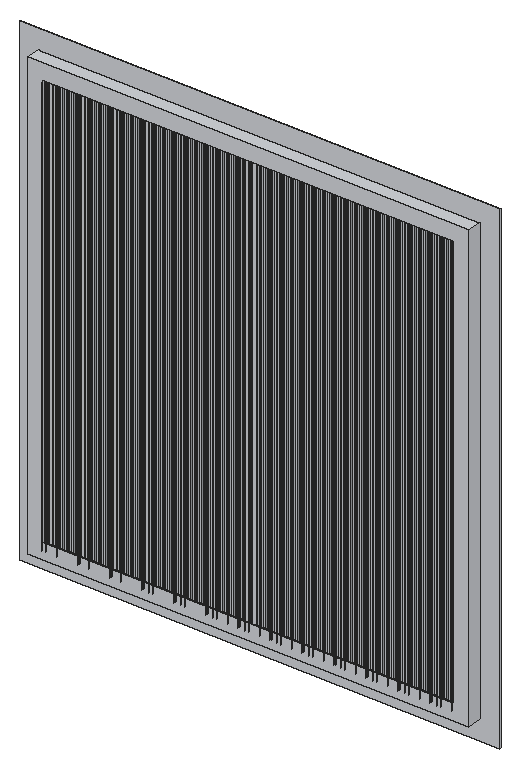
Revit family "NLRS_31_WI_WB_VS27 muurrooster-AV_jazo_jazo", category Windows, host Wall, Revit 2020
Family settings
  Host = Wall
  OmniClass Number = 23.30.20.00
  OmniClass Title = Windows
  Always vertical = Yes
  Cut with Voids When Loaded = No
  Shared = No
  Room Calculation Point = No
Parameters (values of type "TYPE CATALOG")
  URL = "www.jazo.com"
  Thickness = NLRS_C_diepte  # 46.0 mm
  Rough Width = NLRS_C_breedte_01  # 1498.4 mm
  Rough Height = NLRS_C_hoogte_01  # 1510.0 mm
  Negge = 0.0 mm
  NLRS_C_weerstandsklasse = "Voor specificaties of mogelijkheden, neem contact op."  # constant formula
  NLRS_C_stelruimte = 5.0 mm  # constant formula
  NLRS_C_rookwerendheid = "Voor specificaties of mogelijkheden, neem contact op."  # constant formula
  NLRS_C_offset_01 = (NLRS_C_breedte - 9.0 mm - 51.2 mm - 9.0 mm - 15.3 mm - (NLRS_C_aantal_01 * 36.0 mm)) / 2  # 17.95 mm
  NLRS_C_offset = Negge  # 0.0 mm
  NLRS_C_merk = "Voor specificaties of mogelijkheden, neem contact op."  # constant formula
  NLRS_C_leverancier_url = "www.jazo.com"  # constant formula
  NLRS_C_leverancier_telefoonnummer = "+31 316 - 59 29 11"  # constant formula
  NLRS_C_leverancier_postcode = "6905 DJ"  # constant formula
  NLRS_C_leverancier_plaats = "Zevenaar"  # constant formula
  NLRS_C_leverancier_email = "info@jazo.com"  # constant formula
  NLRS_C_leverancier_bedrijfsnaam = "JAZO Zevenaar bv"  # constant formula
  NLRS_C_leverancier_adres = "Handelsdwarsstraat 10"  # constant formula
  NLRS_C_inbraakwerend = no
  NLRS_C_hoogte_min = 290.0 mm  # constant formula
  NLRS_C_hoogte_max = 2960.0 mm  # constant formula
  NLRS_C_hoogte_02 = NLRS_C_hoogte - (5.0 mm * 2)  # 1490.0 mm
  NLRS_C_hoogte_01 = NLRS_C_hoogte + (2 * NLRS_C_stelruimte)  # 1510.0 mm
  NLRS_C_hoogte = if(Height < NLRS_C_hoogte_min, NLRS_C_hoogte_min, if(Height > NLRS_C_hoogte_max, NLRS_C_hoogte_max, Height))  # 1500.0 mm
  NLRS_C_geluidwering Rw = "Voor specificaties of mogelijkheden, neem contact op."  # constant formula
  NLRS_C_diepte = 46.0 mm  # constant formula
  NLRS_C_content_versie = "1.1"  # constant formula
  NLRS_C_content_revit versie = "2020.2"  # constant formula
  NLRS_C_content_provider = "JAZO Zevenaar bv"  # constant formula
  NLRS_C_content_datum uitgifte = "17-8-2022"  # constant formula
  NLRS_C_content_datum gewijzigd = "6-10-2022"  # constant formula
  NLRS_C_content_creator = "JAZO Zevenaar bv"  # constant formula
  NLRS_C_breedte_min = 290.0 mm  # constant formula
  NLRS_C_breedte_max = 2915.0 mm  # constant formula
  NLRS_C_breedte_01 = NLRS_C_breedte + (2 * NLRS_C_stelruimte)  # 1498.4 mm
  NLRS_C_breedte = if(Width < NLRS_C_breedte_min, NLRS_C_breedte_min, if(Width > NLRS_C_breedte_max, NLRS_C_breedte_max, Width))  # 1488.4 mm
  NLRS_C_aantal_01 = rounddown((NLRS_C_breedte - 9.0 mm - 51.2 mm - 9.0 mm - 15.3 mm) / 36.0 mm)  # 38
  Model = "VS27 muurrooster"  # constant formula
  Manufacturer = "JAZO Zevenaar bv"  # constant formula
  MIN WIDTH = NLRS_C_breedte_min  # 290.0 mm
  MIN HEIGHT = NLRS_C_hoogte_min  # 290.0 mm
  MAX WIDTH = NLRS_C_breedte_max  # 2915.0 mm
  MAX HEIGHT = NLRS_C_hoogte_max  # 2960.0 mm
  JAZO_C_z profiel = yes
  JAZO_C_ventilerend = if(JAZO_C_z profiel, 1 < 2, 2 < 1)  # yes
  JAZO_C_opbouwrooster VS27 = if(JAZO_C_z profiel, 1 < 2, 2 < 1)  # yes
  JAZO_C_materiaal z profiel = none
  JAZO_C_materiaal schoep = none
  Height = 1500.0 mm
  Description = "VS27 muurrooster"  # constant formula
  Wall Closure = By host
  Width = 1488.4 mm
  Define Thermal Properties by = Schematic Type
  Construction Type = "Voor specificaties of mogelijkheden, neem contact op."  # constant formula
  Assembly Code = "23.30.20.00"
  Analytic Construction = "<None>"
Reference planes
  plane 1 "Center (Front/Back)": y = 0
  plane 2 "Center (Left/Right)": x = 0
  plane 3 "stelruimte l": x = -749.2
  plane 4 "stelruimte r": x = 749.2
  plane 5 "stelruimte o": z = 1500
  plane 6 "stelruimte b": z = 3010
  plane 7 "Exterior": y = 75
  plane 8 "Interior": y = -75
  plane 9: x = -744.2
  plane 10 "Right": x = 744.2
  plane 11 "Bottom": z = 1505
  plane 12 "Top": z = 3005
  plane 13 "Center (Elevation)": z = 2255
  plane 14 "center kozijn": y = 52
  plane 15 "achterkant kozijn": y = 29
  plane 16 "voorkant kozijn": y = 75
  plane 17 "offset L": x = -735.2
  plane 18 "start schoep": x = -717.25
  plane 19 "sectie 1": x = -666.08
Lines and regions (mm)
  Opening 1
    outline origin (3500, -75, 0) x (1, 0, 0) y (0, 0, 1)
      loop
        line (-2750.8, 1500) -> (-2750.8, 3010) -> (-4249.2, 3010) -> (-4249.2, 1500) -> (-2750.8, 1500)
Text (mm)
  text "EXTERIOR" at (-1963.203, 1332.353, 0), in view "Ref. Level"
  text "INTERIOR" at (-1981.466, -818.386, 0), in view "Ref. Level"
  text "Exterior" at (0, 923.751, 2943.296), in view "Right"
  text "Exterior" at (0, 1040.484, 2685.409), in view "Left"
Dimensions and locks
  equal spacing: plane 3 "stelruimte l", plane 2 "Center (Left/Right)", plane 4 "stelruimte r"
  "NLRS_C_breedte_01": plane 3 "stelruimte l" to plane 4 "stelruimte r"
  "NLRS_C_hoogte_01": plane 5 "stelruimte o" to plane 6 "stelruimte b"
  locked: plane 5 "stelruimte o" to level at 1500
  locked: plane 7 "Exterior" to host wall
  locked: plane 8 "Interior" to host wall
  equal spacing: plane 9, plane 2 "Center (Left/Right)", plane 10 "Right"
  "NLRS_C_breedte": plane 9 to plane 10 "Right"
  "NLRS_C_hoogte": plane 11 "Bottom" to plane 12 "Top"
  equal spacing: plane 5 "stelruimte o", plane 13 "Center (Elevation)", plane 6 "stelruimte b"
  equal spacing: plane 11 "Bottom", plane 13 "Center (Elevation)", plane 12 "Top"
  equal spacing: plane 16 "voorkant kozijn", plane 14 "center kozijn", plane 15 "achterkant kozijn"
  "NLRS_C_diepte": plane 16 "voorkant kozijn" to plane 15 "achterkant kozijn"
  "NLRS_C_offset": plane 16 "voorkant kozijn" to plane 7 "Exterior"
  locked: plane 9 to plane 17 "offset L" at 9
  "NLRS_C_offset_01": plane 17 "offset L" to plane 18 "start schoep"
  locked: plane 18 "start schoep" to plane 19 "sectie 1" at 51.17
  equal spacing: group 1, group 2, group 3, group 4, group 5, group 6, group 7, group 8, group 9, group 10, group 11, group 12, group 13, group 14, group 15, group 16, group 17, group 18, group 19, group 20, group 21, group 22, group 23, group 24, group 25, group 26, group 27, group 28, group 29, group 30, group 31, group 32, group 33, group 34, group 35, group 36, group 37, group 38  (x3)
  locked: plane 19 "sectie 1" to nested 4 at 36
  aligned and locked: nested 1 to plane 2 "Center (Left/Right)"
  aligned and locked: nested 1 to plane 14 "center kozijn"
  aligned and locked: plane 16 "voorkant kozijn" to nested 2
  aligned and locked: plane 18 "start schoep" to nested 2
  aligned and locked: nested 3 to plane 16 "voorkant kozijn"
  aligned and locked: nested 3 to plane 19 "sectie 1"
  aligned and locked: nested 4 to plane 16 "voorkant kozijn"
  aligned and locked: nested 2 to plane 13 "Center (Elevation)"
  aligned and locked: nested 3 to plane 13 "Center (Elevation)"
  aligned and locked: nested 40 to plane 13 "Center (Elevation)"
  aligned and locked: nested 41 to plane 2 "Center (Left/Right)"
  aligned and locked: nested 41 to plane 14 "center kozijn"
  aligned and locked: plane 13 "Center (Elevation)" to nested 41
Automatic sketch dimensions
  Opening 1 sketch curve to plane 3 "stelruimte l" = 0.0 mm
  Opening 1 sketch curve to plane 4 "stelruimte r" = 0.0 mm
  Opening 1 sketch curve to plane 5 "stelruimte o" = 0.0 mm
  Opening 1 sketch curve to plane 6 "stelruimte b" = 0.0 mm
Nested families
  nested 1: "NLRS_31_GA_UN_error message muurrooster" at (0, 52, 0), type "error message"
    with NLRS_C_hoogte_min 290.0 mm, NLRS_C_hoogte_max 2960.0 mm, NLRS_C_hoogte 1500.0 mm, NLRS_C_breedte_min 290.0 mm, NLRS_C_breedte_max 2915.0 mm, NLRS_C_breedte 1488.4 mm
  nested 2: "NLRS_31_GM_UN_VS27 start schoep (ex scharnier)-AV" at (-684.003, 60, 1510) x (-1, 0, 0) z (0, 0, 1), NLRS_C_hoogte <- "NLRS_C_hoogte_02", type "VS27 start schoep"
    with NLRS_C_hoogte 1490.0 mm
  nested 3: "NLRS_31_GM_UN_VS27 schoep-AV" at (-640.441, 59.988, 1510) x (-1, 0, 0) z (0, 0, 1), NLRS_C_hoogte <- "NLRS_C_hoogte_02", type "VS27 schoep"
    with NLRS_C_hoogte 1490.0 mm
  nested 4: "NLRS_31_GM_UN_VS27 schoep-AV" at (-604.441, 59.988, 1510) x (-1, 0, 0) z (0, 0, 1), NLRS_C_hoogte <- "NLRS_C_hoogte_02", type "VS27 schoep"
    with NLRS_C_hoogte 1490.0 mm
  nested 5: "NLRS_31_GM_UN_VS27 schoep-AV" at (-568.441, 59.988, 1510) x (-1, 0, 0) z (0, 0, 1), NLRS_C_hoogte <- "NLRS_C_hoogte_02", type "VS27 schoep"
    with NLRS_C_hoogte 1490.0 mm
  nested 6: "NLRS_31_GM_UN_VS27 schoep-AV" at (-532.441, 59.988, 1510) x (-1, 0, 0) z (0, 0, 1), NLRS_C_hoogte <- "NLRS_C_hoogte_02", type "VS27 schoep"
    with NLRS_C_hoogte 1490.0 mm
  nested 7: "NLRS_31_GM_UN_VS27 schoep-AV" at (-496.441, 59.988, 1510) x (-1, 0, 0) z (0, 0, 1), NLRS_C_hoogte <- "NLRS_C_hoogte_02", type "VS27 schoep"
    with NLRS_C_hoogte 1490.0 mm
  nested 8: "NLRS_31_GM_UN_VS27 schoep-AV" at (-460.441, 59.988, 1510) x (-1, 0, 0) z (0, 0, 1), NLRS_C_hoogte <- "NLRS_C_hoogte_02", type "VS27 schoep"
    with NLRS_C_hoogte 1490.0 mm
  nested 9: "NLRS_31_GM_UN_VS27 schoep-AV" at (-424.441, 59.988, 1510) x (-1, 0, 0) z (0, 0, 1), NLRS_C_hoogte <- "NLRS_C_hoogte_02", type "VS27 schoep"
    with NLRS_C_hoogte 1490.0 mm
  nested 10: "NLRS_31_GM_UN_VS27 schoep-AV" at (-388.441, 59.988, 1510) x (-1, 0, 0) z (0, 0, 1), NLRS_C_hoogte <- "NLRS_C_hoogte_02", type "VS27 schoep"
    with NLRS_C_hoogte 1490.0 mm
  nested 11: "NLRS_31_GM_UN_VS27 schoep-AV" at (-352.441, 59.988, 1510) x (-1, 0, 0) z (0, 0, 1), NLRS_C_hoogte <- "NLRS_C_hoogte_02", type "VS27 schoep"
    with NLRS_C_hoogte 1490.0 mm
  nested 12: "NLRS_31_GM_UN_VS27 schoep-AV" at (-316.441, 59.988, 1510) x (-1, 0, 0) z (0, 0, 1), NLRS_C_hoogte <- "NLRS_C_hoogte_02", type "VS27 schoep"
    with NLRS_C_hoogte 1490.0 mm
  nested 13: "NLRS_31_GM_UN_VS27 schoep-AV" at (-280.441, 59.988, 1510) x (-1, 0, 0) z (0, 0, 1), NLRS_C_hoogte <- "NLRS_C_hoogte_02", type "VS27 schoep"
    with NLRS_C_hoogte 1490.0 mm
  nested 14: "NLRS_31_GM_UN_VS27 schoep-AV" at (-244.441, 59.988, 1510) x (-1, 0, 0) z (0, 0, 1), NLRS_C_hoogte <- "NLRS_C_hoogte_02", type "VS27 schoep"
    with NLRS_C_hoogte 1490.0 mm
  nested 15: "NLRS_31_GM_UN_VS27 schoep-AV" at (-208.441, 59.988, 1510) x (-1, 0, 0) z (0, 0, 1), NLRS_C_hoogte <- "NLRS_C_hoogte_02", type "VS27 schoep"
    with NLRS_C_hoogte 1490.0 mm
  nested 16: "NLRS_31_GM_UN_VS27 schoep-AV" at (-172.441, 59.988, 1510) x (-1, 0, 0) z (0, 0, 1), NLRS_C_hoogte <- "NLRS_C_hoogte_02", type "VS27 schoep"
    with NLRS_C_hoogte 1490.0 mm
  nested 17: "NLRS_31_GM_UN_VS27 schoep-AV" at (-136.441, 59.988, 1510) x (-1, 0, 0) z (0, 0, 1), NLRS_C_hoogte <- "NLRS_C_hoogte_02", type "VS27 schoep"
    with NLRS_C_hoogte 1490.0 mm
  nested 18: "NLRS_31_GM_UN_VS27 schoep-AV" at (-100.441, 59.988, 1510) x (-1, 0, 0) z (0, 0, 1), NLRS_C_hoogte <- "NLRS_C_hoogte_02", type "VS27 schoep"
    with NLRS_C_hoogte 1490.0 mm
  nested 19: "NLRS_31_GM_UN_VS27 schoep-AV" at (-64.441, 59.988, 1510) x (-1, 0, 0) z (0, 0, 1), NLRS_C_hoogte <- "NLRS_C_hoogte_02", type "VS27 schoep"
    with NLRS_C_hoogte 1490.0 mm
  nested 20: "NLRS_31_GM_UN_VS27 schoep-AV" at (-28.441, 59.988, 1510) x (-1, 0, 0) z (0, 0, 1), NLRS_C_hoogte <- "NLRS_C_hoogte_02", type "VS27 schoep"
    with NLRS_C_hoogte 1490.0 mm
  nested 21: "NLRS_31_GM_UN_VS27 schoep-AV" at (7.559, 59.988, 1510) x (-1, 0, 0) z (0, 0, 1), NLRS_C_hoogte <- "NLRS_C_hoogte_02", type "VS27 schoep"
    with NLRS_C_hoogte 1490.0 mm
  nested 22: "NLRS_31_GM_UN_VS27 schoep-AV" at (43.559, 59.988, 1510) x (-1, 0, 0) z (0, 0, 1), NLRS_C_hoogte <- "NLRS_C_hoogte_02", type "VS27 schoep"
    with NLRS_C_hoogte 1490.0 mm
  nested 23: "NLRS_31_GM_UN_VS27 schoep-AV" at (79.559, 59.988, 1510) x (-1, 0, 0) z (0, 0, 1), NLRS_C_hoogte <- "NLRS_C_hoogte_02", type "VS27 schoep"
    with NLRS_C_hoogte 1490.0 mm
  nested 24: "NLRS_31_GM_UN_VS27 schoep-AV" at (115.559, 59.988, 1510) x (-1, 0, 0) z (0, 0, 1), NLRS_C_hoogte <- "NLRS_C_hoogte_02", type "VS27 schoep"
    with NLRS_C_hoogte 1490.0 mm
  nested 25: "NLRS_31_GM_UN_VS27 schoep-AV" at (151.559, 59.988, 1510) x (-1, 0, 0) z (0, 0, 1), NLRS_C_hoogte <- "NLRS_C_hoogte_02", type "VS27 schoep"
    with NLRS_C_hoogte 1490.0 mm
  nested 26: "NLRS_31_GM_UN_VS27 schoep-AV" at (187.559, 59.988, 1510) x (-1, 0, 0) z (0, 0, 1), NLRS_C_hoogte <- "NLRS_C_hoogte_02", type "VS27 schoep"
    with NLRS_C_hoogte 1490.0 mm
  nested 27: "NLRS_31_GM_UN_VS27 schoep-AV" at (223.559, 59.988, 1510) x (-1, 0, 0) z (0, 0, 1), NLRS_C_hoogte <- "NLRS_C_hoogte_02", type "VS27 schoep"
    with NLRS_C_hoogte 1490.0 mm
  nested 28: "NLRS_31_GM_UN_VS27 schoep-AV" at (259.559, 59.988, 1510) x (-1, 0, 0) z (0, 0, 1), NLRS_C_hoogte <- "NLRS_C_hoogte_02", type "VS27 schoep"
    with NLRS_C_hoogte 1490.0 mm
  nested 29: "NLRS_31_GM_UN_VS27 schoep-AV" at (295.559, 59.988, 1510) x (-1, 0, 0) z (0, 0, 1), NLRS_C_hoogte <- "NLRS_C_hoogte_02", type "VS27 schoep"
    with NLRS_C_hoogte 1490.0 mm
  nested 30: "NLRS_31_GM_UN_VS27 schoep-AV" at (331.559, 59.988, 1510) x (-1, 0, 0) z (0, 0, 1), NLRS_C_hoogte <- "NLRS_C_hoogte_02", type "VS27 schoep"
    with NLRS_C_hoogte 1490.0 mm
  nested 31: "NLRS_31_GM_UN_VS27 schoep-AV" at (367.559, 59.988, 1510) x (-1, 0, 0) z (0, 0, 1), NLRS_C_hoogte <- "NLRS_C_hoogte_02", type "VS27 schoep"
    with NLRS_C_hoogte 1490.0 mm
  nested 32: "NLRS_31_GM_UN_VS27 schoep-AV" at (403.559, 59.988, 1510) x (-1, 0, 0) z (0, 0, 1), NLRS_C_hoogte <- "NLRS_C_hoogte_02", type "VS27 schoep"
    with NLRS_C_hoogte 1490.0 mm
  nested 33: "NLRS_31_GM_UN_VS27 schoep-AV" at (439.559, 59.988, 1510) x (-1, 0, 0) z (0, 0, 1), NLRS_C_hoogte <- "NLRS_C_hoogte_02", type "VS27 schoep"
    with NLRS_C_hoogte 1490.0 mm
  nested 34: "NLRS_31_GM_UN_VS27 schoep-AV" at (475.559, 59.988, 1510) x (-1, 0, 0) z (0, 0, 1), NLRS_C_hoogte <- "NLRS_C_hoogte_02", type "VS27 schoep"
    with NLRS_C_hoogte 1490.0 mm
  nested 35: "NLRS_31_GM_UN_VS27 schoep-AV" at (511.559, 59.988, 1510) x (-1, 0, 0) z (0, 0, 1), NLRS_C_hoogte <- "NLRS_C_hoogte_02", type "VS27 schoep"
    with NLRS_C_hoogte 1490.0 mm
  nested 36: "NLRS_31_GM_UN_VS27 schoep-AV" at (547.559, 59.988, 1510) x (-1, 0, 0) z (0, 0, 1), NLRS_C_hoogte <- "NLRS_C_hoogte_02", type "VS27 schoep"
    with NLRS_C_hoogte 1490.0 mm
  nested 37: "NLRS_31_GM_UN_VS27 schoep-AV" at (583.559, 59.988, 1510) x (-1, 0, 0) z (0, 0, 1), NLRS_C_hoogte <- "NLRS_C_hoogte_02", type "VS27 schoep"
    with NLRS_C_hoogte 1490.0 mm
  nested 38: "NLRS_31_GM_UN_VS27 schoep-AV" at (619.559, 59.988, 1510) x (-1, 0, 0) z (0, 0, 1), NLRS_C_hoogte <- "NLRS_C_hoogte_02", type "VS27 schoep"
    with NLRS_C_hoogte 1490.0 mm
  nested 39: "NLRS_31_GM_UN_VS27 schoep-AV" at (655.559, 59.988, 1510) x (-1, 0, 0) z (0, 0, 1), NLRS_C_hoogte <- "NLRS_C_hoogte_02", type "VS27 schoep"
    with NLRS_C_hoogte 1490.0 mm
  nested 40: "NLRS_31_GM_UN_VS27 schoep-AV" at (691.559, 59.988, 1510) x (-1, 0, 0) z (0, 0, 1), NLRS_C_hoogte <- "NLRS_C_hoogte_02", type "VS27 schoep"
    with NLRS_C_hoogte 1490.0 mm
  nested 41: "NLRS_31_GM_UN_VS27 z-profiel" at (0, 52, 1505), type "VS27 z-profiel"
Definition of nested family "NLRS_31_GM_UN_VS27 start schoep (ex scharnier)-AV"
  Parameters (values of type "VS27 start schoep")
    URL = "www.jazo.com"
    NLRS_C_zichtbaar_01 = yes
    NLRS_C_stelruimte_02 = 15.0 mm
    NLRS_C_stelruimte_01 = 4.0 mm  # constant formula
    NLRS_C_materiaal = none
    NLRS_C_hoogte [instance] = 1500.0 mm
    Model = ""
    Manufacturer = "JAZO Zevenaar bv"
    Description = "VS27 start schoep"
    Default Elevation = 0.0 mm
    Assembly Code = "23.30.60.11.17.11"
  Reference planes
    plane 1 "Center (Front/Back)": y = 0
    plane 2 "Bottom": z = 0
    plane 3 "Center (Left/Right)": x = 0
    plane 4 "Top": z = 1500
    plane 5 "onderkant schoep": y = -15
    plane 6 "bovenkant schoep": y = 15
    plane 7 "Right": x = 33.247
    plane 8 "Left": x = -33.247
    plane 9: z = 1496
    plane 10: z = 15
    plane 11: z = 750
    plane 12: y = -26
    plane 13 "scharnier L": x = 9.047
  Forms (mm)
    Extrusion 1, solid, material <- "NLRS_C_materiaal", visible <- "NLRS_C_zichtbaar_01"
      sketch origin (-209.383, 101.963, 0) x (0, -1, 0) y (1, 0, 0)
        loop
          line (110.563, 241.93) -> (110.563, 240.914) -> (87.704, 234.789)
          arc (87.704, 234.789) -> (87.169, 234.432) -> (86.963, 233.823) r 1
          line (86.963, 233.823) -> (86.963, 215.358)
          arc (86.963, 215.358) -> (87.169, 214.749) -> (87.704, 214.392) r 1
          line (87.704, 214.392) -> (95.997, 212.17)
          arc (95.997, 212.17) -> (96.756, 212.27) -> (97.222, 212.877) r 1
          line (97.222, 212.877) -> (100.152, 223.814)
          arc (100.152, 223.814) -> (100.411, 224.262) -> (100.859, 224.521) r 1
          line (100.859, 224.521) -> (108.904, 226.676)
          arc (108.904, 226.676) -> (109.772, 226.504) -> (110.163, 225.71) r 1
          line (110.163, 225.71) -> (110.163, 204.807) -> (87.704, 198.742)
          arc (87.704, 198.742) -> (87.169, 198.385) -> (86.963, 197.776) r 1
          line (86.963, 197.776) -> (86.963, 179.311)
          arc (86.963, 179.311) -> (87.169, 178.702) -> (87.704, 178.345) r 1
          line (87.704, 178.345) -> (95.833, 176.167)
          arc (95.833, 176.167) -> (96.936, 176.803) -> (96.299, 177.905) r 0.9
          line (96.299, 177.905) -> (88.763, 179.925) -> (88.763, 187.644) -> (90.763, 187.644)
          arc (90.763, 187.644) -> (91.663, 188.544) -> (90.763, 189.444) r 0.9
          line (90.763, 189.444) -> (88.763, 189.444) -> (88.763, 197.162) -> (110.158, 202.942) -> (110.158, 202.152)
          arc (110.158, 202.152) -> (111.06, 201.456) -> (111.963, 202.152) r 0.933
          line (111.963, 202.152) -> (111.963, 213.656) -> (115.163, 213.656) -> (115.163, 210.456) -> (116.963, 210.456) -> (116.963, 215.456) -> (111.963, 215.456) -> (111.963, 241.93)
          arc (111.963, 241.93) -> (111.263, 242.63) -> (110.563, 241.93) r 0.7
        loop
          line (88.363, 232.749) -> (88.363, 216.432)
          arc (88.363, 216.432) -> (88.569, 215.823) -> (89.104, 215.466) r 1
          line (89.104, 215.466) -> (95.007, 213.884)
          arc (95.007, 213.884) -> (95.766, 213.984) -> (96.232, 214.592) r 1
          line (96.232, 214.592) -> (99.009, 224.957)
          arc (99.009, 224.957) -> (99.268, 225.405) -> (99.716, 225.664) r 1
          line (99.716, 225.664) -> (109.822, 228.372)
          arc (109.822, 228.372) -> (110.356, 228.729) -> (110.563, 229.338) r 1
          line (110.563, 229.338) -> (110.563, 238.161)
          arc (110.563, 238.161) -> (110.172, 238.955) -> (109.304, 239.127) r 1
          line (109.304, 239.127) -> (89.104, 233.715)
          arc (89.104, 233.715) -> (88.569, 233.358) -> (88.363, 232.749) r 1
      from 15 to 1496
  Dimensions and locks
    "NLRS_C_stelruimte_02": plane 10 to plane 2 "Bottom"
    "NLRS_C_stelruimte_01": plane 4 "Top" to plane 9
    "NLRS_C_hoogte": plane 4 "Top" to plane 2 "Bottom"
    equal spacing: plane 4 "Top", plane 11, plane 2 "Bottom"
    locked: plane 5 "onderkant schoep" to plane 12 at 11
    equal spacing: plane 6 "bovenkant schoep", plane 1 "Center (Front/Back)", plane 5 "onderkant schoep"
    locked: plane 6 "bovenkant schoep" to plane 5 "onderkant schoep" at 30
    equal spacing: plane 8 "Left", plane 3 "Center (Left/Right)", plane 7 "Right"
    locked: plane 8 "Left" to plane 7 "Right" at 66.494
    aligned and locked: level to plane 2 "Bottom"
    aligned and locked: plane 9 to Extrusion 1
    aligned and locked: Extrusion 1 to plane 10
  Automatic sketch dimensions
    plane 6 "bovenkant schoep" to Extrusion 1 sketch curve = 0.0 mm  (x2)
    Extrusion 1 sketch curve to plane 5 "onderkant schoep" = 0.0 mm
    plane 6 "bovenkant schoep" to Extrusion 1 sketch curve = 0.741 mm  (x4)
    Extrusion 1 sketch curve to Extrusion 1 sketch curve = 1.0 mm  (x6)
    Extrusion 1 sketch curve to Extrusion 1 sketch curve = 0.4 mm
    Extrusion 1 sketch curve to Extrusion 1 sketch curve = 0.8 mm  (x2)
    Extrusion 1 sketch curve to Extrusion 1 sketch curve = 1.141 mm  (x2)
    Extrusion 1 sketch curve to Extrusion 1 sketch curve = 0.259 mm  (x10)
    Extrusion 1 sketch curve to Extrusion 1 sketch curve = 2.0 mm
    Extrusion 1 sketch curve to Extrusion 1 sketch curve = 5.903 mm
    plane 8 "Left" to Extrusion 1 sketch curve = 0.031 mm
    Extrusion 1 sketch curve to plane 1 "Center (Front/Back)" = 6.129 mm
    Extrusion 1 sketch curve to Extrusion 1 sketch curve = 0.99 mm
    Extrusion 1 sketch curve to Extrusion 1 sketch curve = 0.233 mm  (x2)
    Extrusion 1 sketch curve to Extrusion 1 sketch curve = 0.966 mm  (x2)
    plane 8 "Left" to Extrusion 1 sketch curve = 1.769 mm
    Extrusion 1 sketch curve to plane 1 "Center (Front/Back)" = 2.954 mm
    Extrusion 1 sketch curve to Extrusion 1 sketch curve = 0.707 mm  (x3)
    Extrusion 1 sketch curve to Extrusion 1 sketch curve = 0.177 mm  (x2)
    Extrusion 1 sketch curve to Extrusion 1 sketch curve = 0.884 mm
    Extrusion 1 sketch curve to plane 1 "Center (Front/Back)" = 0.845 mm
    plane 1 "Center (Front/Back)" to Extrusion 1 sketch curve = 6.941 mm
    plane 1 "Center (Front/Back)" to Extrusion 1 sketch curve = 7.341 mm
    Extrusion 1 sketch curve to Extrusion 1 sketch curve = 0.659 mm
    plane 5 "onderkant schoep" to Extrusion 1 sketch curve = 6.805 mm
    plane 7 "Right" to Extrusion 1 sketch curve = 1.716 mm
    Extrusion 1 sketch curve to Extrusion 1 sketch curve = 1.259 mm
    Extrusion 1 sketch curve to Extrusion 1 sketch curve = 0.902 mm
    Extrusion 1 sketch curve to Extrusion 1 sketch curve = 0.7 mm
    Extrusion 1 sketch curve to Extrusion 1 sketch curve = 0.0 mm
    plane 5 "onderkant schoep" to Extrusion 1 sketch curve = 1.8 mm
    plane 8 "Left" to Extrusion 1 sketch curve = 2.209 mm
    Extrusion 1 sketch curve to Extrusion 1 sketch curve = 0.614 mm  (x2)
    Extrusion 1 sketch curve to Extrusion 1 sketch curve = 7.719 mm  (x2)
    Extrusion 1 sketch curve to Extrusion 1 sketch curve = 0.9 mm
    Extrusion 1 sketch curve to plane 3 "Center (Left/Right)" = 7.231 mm
    Extrusion 1 sketch curve to Extrusion 1 sketch curve = 0.238 mm
    Extrusion 1 sketch curve to Extrusion 1 sketch curve = 0.79 mm
    Extrusion 1 sketch curve to Extrusion 1 sketch curve = 1.865 mm
    plane 3 "Center (Left/Right)" to Extrusion 1 sketch curve = 1.073 mm
    plane 3 "Center (Left/Right)" to Extrusion 1 sketch curve = 2.787 mm
    plane 3 "Center (Left/Right)" to Extrusion 1 sketch curve = 4.273 mm
    Extrusion 1 sketch curve to Extrusion 1 sketch curve = 0.749 mm
    plane 3 "Center (Left/Right)" to Extrusion 1 sketch curve = 5.009 mm
    Extrusion 1 sketch curve to Extrusion 1 sketch curve = 1.8 mm
    Extrusion 1 sketch curve to Extrusion 1 sketch curve = 0.108 mm
    Extrusion 1 sketch curve to Extrusion 1 sketch curve = 8.963 mm
    Extrusion 1 sketch curve to Extrusion 1 sketch curve = 2.156 mm
    Extrusion 1 sketch curve to Extrusion 1 sketch curve = 1.695 mm
    plane 7 "Right" to Extrusion 1 sketch curve = 9.881 mm
    Extrusion 1 sketch curve to Extrusion 1 sketch curve = 1.074 mm
    Extrusion 1 sketch curve to Extrusion 1 sketch curve = 2.753 mm
    plane 7 "Right" to Extrusion 1 sketch curve = 0.7 mm
Definition of nested family "NLRS_31_GM_UN_VS27 schoep-AV"
  Parameters (values of type "VS27 schoep")
    URL = "www.jazo.com"
    NLRS_C_zichtbaar_01 = yes
    NLRS_C_stelruimte_02 = 15.0 mm
    NLRS_C_stelruimte_01 = 4.0 mm  # constant formula
    NLRS_C_materiaal = none
    NLRS_C_hoogte [instance] = 1000.0 mm
    Model = ""
    Manufacturer = "JAZO Zevenaar bv"
    Description = "VS27 schoep"
    Default Elevation = 0.0 mm
    Assembly Code = "23.30.60.11.17.11"
  Reference planes
    plane 1 "Center (Front/Back)": y = 0
    plane 2 "Bottom": z = 0
    plane 3 "Center (Left/Right)": x = 0
    plane 4 "Top": z = 1000
    plane 5 "onderkant schoep": y = -15.012
    plane 6 "bovenkant schoep": y = 15.012
    plane 7 "Right": x = 25.638
    plane 8 "Left": x = -25.638
    plane 9: z = 500
    plane 10 "stelruimte o": z = 15
    plane 11 "stelruimte b": z = 996
    plane 12 "voorkant kozijn": y = -26.012
  Forms (mm)
    Extrusion 1, solid, material <- "NLRS_C_materiaal", visible <- "NLRS_C_zichtbaar_01"
      sketch origin (77.487, -10.918, 0) x (0, -1, 0) y (1, 0, 0)
        loop
          line (-2.706, -54.543) -> (-2.706, -74.501) -> (-25.165, -80.519)
          arc (-25.165, -80.519) -> (-25.7, -80.876) -> (-25.906, -81.485) r 1
          line (-25.906, -81.485) -> (-25.906, -99.95)
          arc (-25.906, -99.95) -> (-25.7, -100.559) -> (-25.165, -100.916) r 1
          line (-25.165, -100.916) -> (-17.036, -103.095)
          arc (-17.036, -103.095) -> (-15.934, -102.458) -> (-16.57, -101.356) r 0.9
          line (-16.57, -101.356) -> (-24.106, -99.337) -> (-24.106, -91.618) -> (-22.106, -91.618)
          arc (-22.106, -91.618) -> (-21.206, -90.718) -> (-22.106, -89.818) r 0.9
          line (-22.106, -89.818) -> (-24.106, -89.818) -> (-24.106, -82.099) -> (-2.711, -76.366) -> (-2.711, -77.156)
          arc (-2.711, -77.156) -> (-1.809, -77.852) -> (-0.906, -77.156) r 0.933
          line (-0.906, -77.156) -> (-0.906, -65.653) -> (2.294, -65.653) -> (2.294, -68.853) -> (4.094, -68.853) -> (4.094, -63.853) -> (-0.906, -63.853) -> (-0.906, -52.849)
          arc (-0.906, -52.849) -> (-1.298, -52.055) -> (-2.165, -51.883) r 1
          line (-2.165, -51.883) -> (-9.043, -53.726)
          arc (-9.043, -53.726) -> (-9.679, -54.828) -> (-8.577, -55.464) r 0.9
          line (-8.577, -55.464) -> (-3.336, -54.06)
          arc (-3.336, -54.06) -> (-2.902, -54.146) -> (-2.706, -54.543) r 0.5
      from 15 to 996
  Dimensions and locks
    "NLRS_C_hoogte": plane 4 "Top" to plane 2 "Bottom"
    locked: plane 6 "bovenkant schoep" to plane 5 "onderkant schoep" at 30
    locked: plane 8 "Left" to plane 7 "Right" at 51.277
    equal spacing: plane 6 "bovenkant schoep", plane 1 "Center (Front/Back)", plane 5 "onderkant schoep"
    equal spacing: plane 8 "Left", plane 3 "Center (Left/Right)", plane 7 "Right"
    equal spacing: plane 4 "Top", plane 9, plane 2 "Bottom"
    "NLRS_C_stelruimte_02": plane 10 "stelruimte o" to plane 2 "Bottom"
    "NLRS_C_stelruimte_01": plane 4 "Top" to plane 11 "stelruimte b"
    locked: plane 5 "onderkant schoep" to plane 12 "voorkant kozijn" at 11
    aligned and locked: level to plane 2 "Bottom"
    aligned and locked: plane 11 "stelruimte b" to Extrusion 1
    aligned and locked: Extrusion 1 to plane 10 "stelruimte o"
  Automatic sketch dimensions
    Extrusion 1 sketch curve to plane 5 "onderkant schoep" = 0.0 mm
    plane 5 "onderkant schoep" to Extrusion 1 sketch curve = 1.8 mm
    Extrusion 1 sketch curve to Extrusion 1 sketch curve = 3.2 mm  (x2)
    Extrusion 1 sketch curve to Extrusion 1 sketch curve = 0.0 mm  (x2)
    plane 3 "Center (Left/Right)" to Extrusion 1 sketch curve = 0.568 mm
    Extrusion 1 sketch curve to Extrusion 1 sketch curve = 0.902 mm  (x2)
    Extrusion 1 sketch curve to Extrusion 1 sketch curve = 1.0 mm
    Extrusion 1 sketch curve to plane 7 "Right" = 0.034 mm
    Extrusion 1 sketch curve to Extrusion 1 sketch curve = 0.259 mm
    Extrusion 1 sketch curve to Extrusion 1 sketch curve = 0.8 mm  (x3)
    plane 3 "Center (Left/Right)" to Extrusion 1 sketch curve = 1.121 mm
    Extrusion 1 sketch curve to Extrusion 1 sketch curve = 0.5 mm
    Extrusion 1 sketch curve to plane 7 "Right" = 2.211 mm
    Extrusion 1 sketch curve to Extrusion 1 sketch curve = 0.129 mm
    plane 1 "Center (Front/Back)" to Extrusion 1 sketch curve = 2.341 mm
    Extrusion 1 sketch curve to Extrusion 1 sketch curve = 0.233 mm  (x4)
    plane 8 "Left" to Extrusion 1 sketch curve = 1.769 mm
    Extrusion 1 sketch curve to plane 1 "Center (Front/Back)" = 5.652 mm
    plane 8 "Left" to Extrusion 1 sketch curve = 0.031 mm
    Extrusion 1 sketch curve to plane 6 "bovenkant schoep" = 3.823 mm
    Extrusion 1 sketch curve to plane 6 "bovenkant schoep" = 1.823 mm
    Extrusion 1 sketch curve to plane 6 "bovenkant schoep" = 0.765 mm  (x2)
    Extrusion 1 sketch curve to plane 6 "bovenkant schoep" = 0.023 mm
    plane 8 "Left" to Extrusion 1 sketch curve = 2.209 mm
    Extrusion 1 sketch curve to Extrusion 1 sketch curve = 0.614 mm  (x2)
    Extrusion 1 sketch curve to Extrusion 1 sketch curve = 7.719 mm
    Extrusion 1 sketch curve to Extrusion 1 sketch curve = 0.9 mm
    Extrusion 1 sketch curve to plane 3 "Center (Left/Right)" = 4.612 mm
    plane 3 "Center (Left/Right)" to Extrusion 1 sketch curve = 0.331 mm
    Extrusion 1 sketch curve to Extrusion 1 sketch curve = 1.865 mm
    plane 3 "Center (Left/Right)" to Extrusion 1 sketch curve = 8.635 mm
    Extrusion 1 sketch curve to Extrusion 1 sketch curve = 1.8 mm
    Extrusion 1 sketch curve to plane 7 "Right" = 3.616 mm
    Extrusion 1 sketch curve to Extrusion 1 sketch curve = 0.869 mm
Definition of nested family "NLRS_31_GM_UN_VS27 z-profiel"
  Parameters (values of type "HS27R z-profiel")
    URL = "www.jazo.com"
    NLRS_C_zichtbaar_01 = yes
    NLRS_C_materiaal = none
    NLRS_C_hoogte = 1500.0 mm
    NLRS_C_diepte = 46.0 mm  # constant formula
    NLRS_C_breedte = 1488.4 mm
    Model = "HS27R z-profiel"
    Manufacturer = "JAZO Zevenaar bv"
    Keynote = ""
    Description = "HS27R z-profiel"
    Default Elevation = 0.0 mm
    Assembly Code = "23.30.10.11.11"
  Reference planes
    plane 1 "Center (Front/Back)": y = 0
    plane 2 "Bottom": z = 0
    plane 3 "Center (Left/Right)": x = 0
    plane 4 "Left": x = -744.2
    plane 5 "Right": x = 744.2
    plane 6 "Top": z = 1500
    plane 7 "voorkant kozijn": y = 23
    plane 8 "achterkant kozijn": y = -23
    plane 9 "Center (Elevation)": z = 750
  Forms (mm)
    Sweep 1, solid, material <- "NLRS_C_materiaal", visible <- "NLRS_C_zichtbaar_01"
      path origin (0, 0, 0) x (1, 0, 0) y (0, 0, 1)
        loop
          line (-744.2, 1500) -> (-744.2, 0) -> (744.2, 0) -> (744.2, 1500) -> (-744.2, 1500)
      profile origin (0, 0, 1500) x (0, 0, 1) y (0, -1, 0)
        loop
          line (-5, -31) -> (65, -31) -> (65, -26) -> (0, -26) -> (0, 23) -> (-50, 23) -> (-50, 18) -> (-5, 18) -> (-5, -31)
    Sweep 2, solid, material <- "NLRS_C_materiaal", visible <- "NLRS_C_zichtbaar_01"
      path origin (-750, 0, 750) x (0, 0, -1) y (1, 0, 0)
        loop
          line (-750, 750) -> (750, 750)
      profile origin (0, 0, 750) x (0, -1, 0) y (1, 0, 0)
        loop
          line (8, 25) -> (8, 22.999) -> (11.963, 22.999)
          arc (11.963, 22.999) -> (13.401, 22.403) -> (13.997, 20.965) r 2.034
          line (13.997, 20.965) -> (13.997, 6.511)
          arc (13.997, 6.511) -> (13.403, 5.078) -> (11.97, 4.484) r 2.027
          line (11.97, 4.484) -> (8, 4.484) -> (8, 2.5) -> (14.378, 2.5)
          arc (14.378, 2.5) -> (15.542, 3.19) -> (16, 4.464) r 2
          line (16, 4.464) -> (16, 23)
          arc (16, 23) -> (15.414, 24.414) -> (14, 25) r 2
          line (14, 25) -> (8, 25)
        loop
          line (8, -25) -> (14, -25)
          arc (14, -25) -> (15.414, -24.414) -> (16, -23) r 2
          line (16, -23) -> (16, -4.464)
          arc (16, -4.464) -> (15.542, -3.19) -> (14.378, -2.5) r 2
          line (14.378, -2.5) -> (8, -2.5) -> (8, -4.484) -> (11.97, -4.484)
          arc (11.97, -4.484) -> (13.403, -5.078) -> (13.997, -6.511) r 2.027
          line (13.997, -6.511) -> (13.997, -20.965)
          arc (13.997, -20.965) -> (13.401, -22.403) -> (11.963, -22.999) r 2.034
          line (11.963, -22.999) -> (8, -22.999) -> (8, -25)
  Cuts and joins
    joined: Sweep 1, Sweep 2
  Lines and regions (mm)
    model lines
      curve 1: line (-746.223, 31, 0) -> (746.223, 31, 0)
      curve 2: line (694.2, -23, 0) -> (-694.2, -23, 0)
  Dimensions and locks
    "NLRS_C_hoogte": plane 6 "Top" to plane 2 "Bottom"
    "NLRS_C_diepte": plane 7 "voorkant kozijn" to plane 8 "achterkant kozijn"
    "NLRS_C_breedte": plane 4 "Left" to plane 5 "Right"
    equal spacing: plane 4 "Left", plane 3 "Center (Left/Right)", plane 5 "Right"
    equal spacing: plane 7 "voorkant kozijn", plane 1 "Center (Front/Back)", plane 8 "achterkant kozijn"
    equal spacing: plane 6 "Top", plane 9 "Center (Elevation)", plane 2 "Bottom"
    aligned and locked: level to plane 2 "Bottom"
    aligned and locked: Sweep 1 sketch curve to plane 6 "Top"
    aligned and locked: Sweep 1 sketch curve to plane 4 "Left"
    aligned and locked: plane 2 "Bottom" to Sweep 1 sketch curve
    aligned and locked: plane 5 "Right" to Sweep 1 sketch curve
    aligned and locked: nested 1 to plane 8 "achterkant kozijn"
    aligned and locked: nested 1 to plane 6 "Top"
    aligned and locked: plane 8 "achterkant kozijn" to nested 2
    aligned and locked: nested 2 to plane 2 "Bottom"
    aligned and locked: nested 3 to plane 8 "achterkant kozijn"
    aligned and locked: plane 5 "Right" to nested 3
    aligned and locked: plane 4 "Left" to nested 4
    aligned and locked: nested 4 to plane 8 "achterkant kozijn"
    aligned and locked: plane 6 "Top" to Sweep 2 sketch curve
    aligned and locked: plane 2 "Bottom" to Sweep 2 sketch curve
    aligned and locked: Sweep 2 sketch curve to plane 3 "Center (Left/Right)"
  Automatic sketch dimensions
    profile plane to Sweep 1 sketch curve = 5.0 mm
    Sweep 1 sketch curve to profile plane = 65.0 mm
    Sweep 1 sketch curve to plane 1 "Center (Front/Back)" = 31.0 mm
    plane 1 "Center (Front/Back)" to Sweep 1 sketch curve = 18.0 mm
    Sweep 1 sketch curve to Sweep 1 sketch curve = 5.0 mm  (x2)
    profile plane to Sweep 1 sketch curve = 0.0 mm
    Sweep 1 sketch curve to Sweep 1 sketch curve = 45.0 mm
    curve 2 to plane 8 "achterkant kozijn" = 0.0 mm
    plane 4 "Left" to curve 1 = 2.023 mm
    plane 5 "Right" to curve 2 = 50.0 mm
    curve 1 to plane 5 "Right" = 2.023 mm
    plane 7 "voorkant kozijn" to curve 1 = 8.0 mm
    curve 2 to plane 4 "Left" = 50.0 mm
    plane 1 "Center (Front/Back)" to Sweep 2 sketch curve = 8.0 mm  (x3)
    profile plane to Sweep 2 sketch curve = 4.484 mm
    Sweep 2 sketch curve to profile plane = 2.5 mm
    Sweep 2 sketch curve to Sweep 2 sketch curve = 0.0 mm
    Sweep 2 sketch curve to Sweep 2 sketch curve = 3.963 mm  (x2)
    Sweep 2 sketch curve to Sweep 2 sketch curve = 3.97 mm  (x2)
    Sweep 2 sketch curve to Sweep 2 sketch curve = 2.034 mm  (x2)
    Sweep 2 sketch curve to Sweep 2 sketch curve = 0.003 mm
    Sweep 2 sketch curve to Sweep 2 sketch curve = 2.037 mm
    Sweep 2 sketch curve to Sweep 2 sketch curve = 2.03 mm  (x2)
    Sweep 2 sketch curve to Sweep 2 sketch curve = 0.378 mm  (x2)
    Sweep 2 sketch curve to Sweep 2 sketch curve = 2.0 mm  (x2)
    Sweep 2 sketch curve to Sweep 2 sketch curve = 14.453 mm  (x2)
    Sweep 2 sketch curve to Sweep 2 sketch curve = 2.035 mm  (x2)
    Sweep 2 sketch curve to Sweep 2 sketch curve = 2.048 mm
    Sweep 2 sketch curve to Sweep 2 sketch curve = 1.984 mm
  Nested families
    nested 1: "NLRS_31_DI_UN_HS27R z-profiel" at (0, 51, 1450) x (0, -1, 0) z (1, 0, 0), type "z-profiel detail"
    nested 2: "NLRS_31_DI_UN_HS27R z-profiel" at (0, 51, 50) x (0, -1, 0) z (1, 0, 0), type "z-profiel detail"
    nested 3: "NLRS_31_DI_UN_HS27R z-profiel" at (694.2, 51, 0) x (0, -1, 0) z (0, 0, 1), type "z-profiel detail"
    nested 4: "NLRS_31_DI_UN_HS27R z-profiel" at (-694.2, 51, 0) x (0, -1, 0) z (0, 0, 1), type "z-profiel detail"
  Definition of nested family "NLRS_31_DI_UN_HS27R z-profiel"
    Parameters (values of type "z-profiel detail")
      URL = "www.jazo.com"
      Manufacturer = "JAZO Zevenaar bv"
      Description = "z-profiel detail"
    Reference planes
      plane 1 "Bottom": y = 0
      plane 2: z = 0
      plane 3 "Left": x = 20
      plane 4 "Right": x = 74
      plane 5 "Top": y = 115
      plane 6: x = 25
      plane 7: x = 69
      plane 8: y = 45
      plane 9: y = 50
    Lines and regions (mm)
      model lines, in view "Ref. Level"
        curve 1: line (20, 52.023, 0) -> (20, 115, 0)
        curve 2: line (20, 115, 0) -> (25, 115, 0)
        curve 3: line (25, 115, 0) -> (25, 52.023, 0)
        curve 4: line (27.023, 50, 0) -> (66.977, 50, 0)
        curve 5: line (74, 42.977, 0) -> (74, 0, 0)
        curve 6: line (74, 0, 0) -> (69, 0, 0)
        curve 7: line (69, 42.977, 0) -> (69, 0, 0)
        curve 8: line (27.023, 45, 0) -> (66.977, 45, 0)
      detail lines, in view "Ref. Level"
        curve 9: arc (27.023, 50, 0) -> (25.593, 50.593, 0) -> (25, 52.023, 0) r 2.023
        curve 10: arc (27.023, 45, 0) -> (22.057, 47.057, 0) -> (20, 52.023, 0) r 7.023
        curve 11: arc (66.977, 45, 0) -> (68.407, 44.407, 0) -> (69, 42.977, 0) r 2.023
        curve 12: arc (66.977, 50, 0) -> (71.943, 47.943, 0) -> (74, 42.977, 0) r 7.023
Definition of nested family "NLRS_31_GA_UN_error message muurrooster"
  Parameters (values of type "error message")
    NLRS_C_zichtbaar_10 = if(NLRS_C_zichtbaar_01, 1 < 2, if(NLRS_C_zichtbaar_02, 1 < 2, if(NLRS_C_zichtbaar_03, 1 < 2, if(NLRS_C_zichtbaar_04, 1 < 2, 2 < 1))))  # no
    NLRS_C_zichtbaar_04 = if(NLRS_C_breedte < NLRS_C_breedte_min, 1 < 2, 2 < 1)  # no
    NLRS_C_zichtbaar_03 = if(NLRS_C_breedte > NLRS_C_breedte_max, 1 < 2, 2 < 1)  # no
    NLRS_C_zichtbaar_02 = if(NLRS_C_hoogte < NLRS_C_hoogte_min, 1 < 2, 2 < 1)  # no
    NLRS_C_zichtbaar_01 = if(NLRS_C_hoogte > NLRS_C_hoogte_max, 1 < 2, 2 < 1)  # no
    NLRS_C_hoogte_min = 1850.0 mm
    NLRS_C_hoogte_max = 3000.0 mm
    NLRS_C_hoogte = 2000.0 mm
    NLRS_C_breedte_min = 850.0 mm
    NLRS_C_breedte_max = 1500.0 mm
    NLRS_C_breedte = 1000.0 mm
  Reference planes
    plane 1: y = 0
    plane 2: x = 0
  Lines and regions (mm)
    Filled region 1, type "Zwart", not visible
      outline origin (253.64, 140.595, 0) x (1, 0, 0) y (0, 1, 0)
        loop
          line (134.592, 287.146) -> (41.891, 131.062)
          arc (41.891, 131.062) -> (41.863, 128.047) -> (44.47, 126.53) r 3
          line (44.47, 126.53) -> (229.873, 126.53)
          arc (229.873, 126.53) -> (232.48, 128.047) -> (232.452, 131.062) r 3
          line (232.452, 131.062) -> (139.751, 287.146)
          arc (139.751, 287.146) -> (137.171, 288.614) -> (134.592, 287.146) r 3
        loop
          line (62.04, 139.53) -> (212.303, 139.53) -> (137.171, 266.031) -> (62.04, 139.53)
    Filled region 2, type "Geel", not visible
      outline origin (253.64, 140.595, 0) x (1, 0, 0) y (0, 1, 0)
        loop
          line (62.04, 139.53) -> (212.303, 139.53) -> (137.171, 266.031) -> (62.04, 139.53)
    Filled region 3, type "Zwart", not visible
      outline origin (253.64, 140.595, 0) x (1, 0, 0) y (0, 1, 0)
        loop
          line (127.78, 234.406) -> (132.476, 171.156) -> (141.867, 171.156) -> (146.563, 234.406) -> (127.78, 234.406)
        loop
          circle (137.171, 160.994) r 7.044
    Filled region 4, type "Rood 2", visible <- "NLRS_C_zichtbaar_10"
      outline origin (0, 0, 0) x (1, 0, 0) y (0, 1, 0)
        loop
          line (-50, 14) -> (-50, -14) -> (50, -14) -> (50, 14) -> (-50, 14)
  Text (mm)
    text "Error: Height > Max Height" at (-1.89, 2.965, 0), visible <- "NLRS_C_zichtbaar_01"
    text "Error: Height < Min Height" at (-1.89, 2.965, 0), visible <- "NLRS_C_zichtbaar_02"
    text "Error: Width > Max Width" at (-1.89, -3.035, 0), visible <- "NLRS_C_zichtbaar_03"
    text "Error: Width < Min Width" at (-1.89, -3.035, 0), visible <- "NLRS_C_zichtbaar_04"
  Dimensions and locks
    equal spacing: Filled region 4 sketch curve, plane 1, Filled region 4 sketch curve
    Filled region 4 sketch curve to Filled region 4 sketch curve = 28.0 mm
    plane 1 to Filled region 4 sketch curve = 14.0 mm
    equal spacing: Filled region 4 sketch curve, plane 2, Filled region 4 sketch curve
    Filled region 4 sketch curve to plane 2 = 50.0 mm
